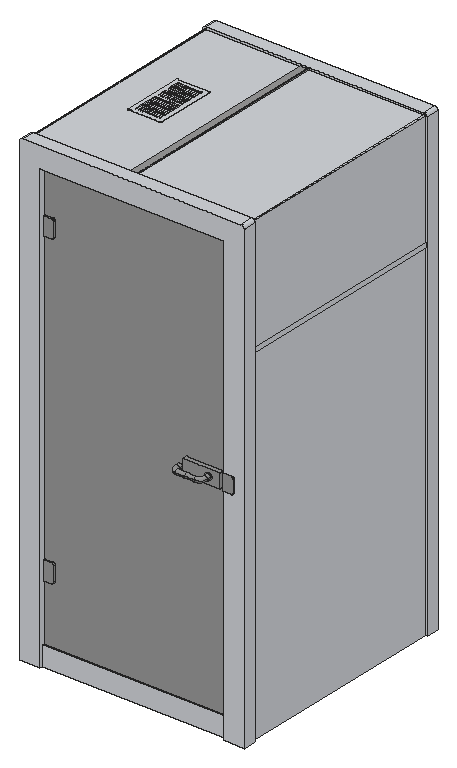
Revit family "Retreat 1.0", category Generic Models, host Floor, Revit 2020
Family settings
  Host = Floor
  Can host rebar = No
  Round Connector Dimension = Use Diameter
  Part Type = Normal
  Always vertical = Yes
  Cut with Voids When Loaded = No
  Shared = No
  Room Calculation Point = No
Parameters
  Default Elevation = 0 mm
Reference planes
  plane 1 "Center (Front/Back)": y = 0
  plane 2: z = 0
  plane 3 "Center (Left/Right)": x = 0
Forms (mm)
  Extrusion 1, solid
    sketch origin (0, 0, 0) x (1, 0, 0) y (0, 0, 1)
      loop
        line (-522.5, 2163) -> (-522.5, 0) -> (-427.5, 0) -> (-427.5, 2083) -> (427.5, 2083) -> (427.5, 0) -> (522.5, 0) -> (522.5, 2163)
        arc (522.5, 2163) -> (518.107, 2173.607) -> (507.5, 2178) r 15
        line (507.5, 2178) -> (-507.5, 2178)
        arc (-507.5, 2178) -> (-518.107, 2173.607) -> (-522.5, 2163) r 15
    from 502 to 562
  Extrusion 2, solid
    sketch origin (0, 0, 0) x (1, 0, 0) y (0, 0, 1)
      loop
        line (-522.5, 2163) -> (-522.5, 0) -> (522.5, 0) -> (522.5, 2163)
        arc (522.5, 2163) -> (518.107, 2173.607) -> (507.5, 2178) r 15
        line (507.5, 2178) -> (-507.5, 2178)
        arc (-507.5, 2178) -> (-518.107, 2173.607) -> (-522.5, 2163) r 15
      loop
        arc (-427.5, 98) -> (-426.621, 95.879) -> (-424.5, 95) r 3
        line (-424.5, 95) -> (424.5, 95)
        arc (424.5, 95) -> (426.621, 95.879) -> (427.5, 98) r 3
        line (427.5, 98) -> (427.5, 2080)
        arc (427.5, 2080) -> (426.621, 2082.121) -> (424.5, 2083) r 3
        line (424.5, 2083) -> (-424.5, 2083)
        arc (-424.5, 2083) -> (-426.621, 2082.121) -> (-427.5, 2080) r 3
        line (-427.5, 2080) -> (-427.5, 98)
    from -562 to -502
  Extrusion 3, solid
    sketch origin (0, 0, 0) x (1, 0, 0) y (0, 0, 1)
      loop
        line (-512.5, 2163) -> (-512.5, 0) -> (-510.5, 0) -> (-510.5, 2163)
        arc (-510.5, 2163) -> (-509.621, 2165.121) -> (-507.5, 2166) r 3
        line (-507.5, 2166) -> (507.5, 2166)
        arc (507.5, 2166) -> (509.621, 2165.121) -> (510.5, 2163) r 3
        line (510.5, 2163) -> (510.5, 0) -> (512.5, 0) -> (512.5, 2163)
        arc (512.5, 2163) -> (511.036, 2166.536) -> (507.5, 2168) r 5
        line (507.5, 2168) -> (-507.5, 2168)
        arc (-507.5, 2168) -> (-511.036, 2166.536) -> (-512.5, 2163) r 5
    from -502 to 502
  Extrusion 4, solid
    sketch origin (0, 0, 0) x (1, 0, 0) y (0, 0, 1)
      loop
        line (-510.5, 0) -> (-452.5, 0) -> (-452.5, 2108) -> (452.5, 2108) -> (452.5, 0) -> (510.5, 0) -> (510.5, 2163)
        arc (510.5, 2163) -> (509.621, 2165.121) -> (507.5, 2166) r 3
        line (507.5, 2166) -> (-507.5, 2166)
        arc (-507.5, 2166) -> (-509.621, 2165.121) -> (-510.5, 2163) r 3
        line (-510.5, 2163) -> (-510.5, 0)
    from -502 to 502
  Extrusion 5, solid
    sketch origin (0, 0, 0) x (1, 0, 0) y (0, 0, 1)
      loop
        line (-440.5, 2096) -> (440.5, 2096) -> (440.5, 0) -> (452.5, 0) -> (452.5, 2108) -> (-452.5, 2108) -> (-452.5, 0) -> (-440.5, 0) -> (-440.5, 2096)
    from -502 to 502
  Extrusion 6, solid
    sketch origin (0, 0, 0) x (1, 0, 0) y (0, 0, 1)
      loop
        line (-427.5, 2083) -> (-427.5, 0) -> (-405.5, 0) -> (-405.5, 2061) -> (405.5, 2061) -> (405.5, 0) -> (427.5, 0) -> (427.5, 2083) -> (-427.5, 2083)
    from 502 to 526.5
  Extrusion 7, solid, material "Glass, Clear Glazing"
    sketch origin (0, 0, 0) x (1, 0, 0) y (0, 0, 1)
      loop
        line (-422.5, 5) -> (422.5, 5) -> (422.5, 2078) -> (-422.5, 2078) -> (-422.5, 5)
    from 535 to 543
  Extrusion 8, solid, material "Glass, Clear Glazing"
    sketch origin (0, 0, 0) x (1, 0, 0) y (0, 0, 1)
      loop
        arc (424.5, 95) -> (426.621, 95.879) -> (427.5, 98) r 3
        line (427.5, 98) -> (427.5, 2080)
        arc (427.5, 2080) -> (426.621, 2082.121) -> (424.5, 2083) r 3
        line (424.5, 2083) -> (-424.5, 2083)
        arc (-424.5, 2083) -> (-426.621, 2082.121) -> (-427.5, 2080) r 3
        line (-427.5, 2080) -> (-427.5, 98)
        arc (-427.5, 98) -> (-426.621, 95.879) -> (-424.5, 95) r 3
        line (-424.5, 95) -> (424.5, 95)
    from -542 to -534
  Extrusion 9, solid, material "Steel, Paint Finish, Dark Gray"
    sketch origin (-154.057, -562.5, 13.614) x (1, 0, 0) y (0, 0, 1)
      loop
        line (124.057, 2156.886) -> (87.057, 2156.886) -> (87.057, 2154.386) -> (93.057, 2154.386) -> (93.057, 2082.386) -> (87.057, 2082.386) -> (87.057, 2079.886) -> (100.557, 2079.886) -> (100.557, 2078.886) -> (110.557, 2078.886) -> (110.557, 2079.886) -> (124.057, 2079.886) -> (124.057, 2082.386) -> (118.057, 2082.386) -> (118.057, 2154.386) -> (124.057, 2154.386) -> (124.057, 2156.886)
    from -1062.5 to -62.5
  Extrusion 10, solid
    sketch origin (0, 0, 0) x (1, 0, 0) y (0, 0, 1)
      loop
        line (-514.5, 1635) -> (-514.5, 1614) -> (-512.5, 1614) -> (-512.5, 1623.5) -> (-440.5, 1623.5) -> (-440.5, 1614) -> (-438.5, 1614) -> (-438.5, 1635) -> (-440.5, 1635) -> (-440.5, 1625.5) -> (-512.5, 1625.5) -> (-512.5, 1635) -> (-514.5, 1635)
      loop
        line (514.5, 1635) -> (512.5, 1635) -> (512.5, 1625.5) -> (440.5, 1625.5) -> (440.5, 1635) -> (438.5, 1635) -> (438.5, 1614) -> (440.5, 1614) -> (440.5, 1623.5) -> (512.5, 1623.5) -> (512.5, 1614) -> (514.5, 1614) -> (514.5, 1635)
    from -502 to 502
  Extrusion 11, solid
    sketch origin (0, 0, 0) x (1, 0, 0) y (0, 0, 1)
      loop
        line (422.5, 5) -> (422.5, 95) -> (-422.5, 95) -> (-422.5, 5) -> (422.5, 5)
    from 543 to 552
  Extrusion 12, solid
    sketch origin (0, 0, 0) x (1, 0, 0) y (0, 0, 1)
      loop
        line (-401.5, 5) -> (401.5, 5) -> (401.5, 95) -> (-401.5, 95) -> (-401.5, 5)
    from 503 to 535
  Extrusion 13, solid
    sketch origin (-141, 3, 0.09) x (1, 0, 0) y (0, 1, 0)
      loop
        line (-66.5, 143) -> (-212.5, 143)
        arc (-212.5, 143) -> (-216.036, 141.536) -> (-217.5, 138) r 5
        line (-217.5, 138) -> (-217.5, -138)
        arc (-217.5, -138) -> (-216.036, -141.536) -> (-212.5, -143) r 5
        line (-212.5, -143) -> (-66.5, -143)
        arc (-66.5, -143) -> (-62.964, -141.536) -> (-61.5, -138) r 5
        line (-61.5, -138) -> (-61.5, 138)
        arc (-61.5, 138) -> (-62.964, 141.536) -> (-66.5, 143) r 5
      loop
        line (-196.5, -90) -> (-196.5, -120)
        arc (-196.5, -120) -> (-195.914, -121.414) -> (-194.5, -122) r 2
        arc (-194.5, -122) -> (-193.086, -121.414) -> (-192.5, -120) r 2
        line (-192.5, -120) -> (-192.5, -90)
        arc (-192.5, -90) -> (-194.5, -88) -> (-196.5, -90) r 2
      loop
        line (-185.5, -90) -> (-185.5, -120)
        arc (-185.5, -120) -> (-184.914, -121.414) -> (-183.5, -122) r 2
        arc (-183.5, -122) -> (-182.086, -121.414) -> (-181.5, -120) r 2
        line (-181.5, -120) -> (-181.5, -90)
        arc (-181.5, -90) -> (-183.5, -88) -> (-185.5, -90) r 2
      loop
        line (-174.5, -90) -> (-174.5, -120)
        arc (-174.5, -120) -> (-173.914, -121.414) -> (-172.5, -122) r 2
        arc (-172.5, -122) -> (-171.086, -121.414) -> (-170.5, -120) r 2
        line (-170.5, -120) -> (-170.5, -90)
        arc (-170.5, -90) -> (-172.5, -88) -> (-174.5, -90) r 2
      loop
        line (-163.5, -90) -> (-163.5, -120)
        arc (-163.5, -120) -> (-162.914, -121.414) -> (-161.5, -122) r 2
        arc (-161.5, -122) -> (-160.086, -121.414) -> (-159.5, -120) r 2
        line (-159.5, -120) -> (-159.5, -90)
        arc (-159.5, -90) -> (-161.5, -88) -> (-163.5, -90) r 2
      loop
        line (-152.5, -90) -> (-152.5, -120)
        arc (-152.5, -120) -> (-151.914, -121.414) -> (-150.5, -122) r 2
        arc (-150.5, -122) -> (-149.086, -121.414) -> (-148.5, -120) r 2
        line (-148.5, -120) -> (-148.5, -90)
        arc (-148.5, -90) -> (-150.5, -88) -> (-152.5, -90) r 2
      loop
        line (-141.5, -90) -> (-141.5, -120)
        arc (-141.5, -120) -> (-140.914, -121.414) -> (-139.5, -122) r 2
        arc (-139.5, -122) -> (-138.086, -121.414) -> (-137.5, -120) r 2
        line (-137.5, -120) -> (-137.5, -90)
        arc (-137.5, -90) -> (-139.5, -88) -> (-141.5, -90) r 2
      loop
        line (-130.5, -90) -> (-130.5, -120)
        arc (-130.5, -120) -> (-129.914, -121.414) -> (-128.5, -122) r 2
        arc (-128.5, -122) -> (-127.086, -121.414) -> (-126.5, -120) r 2
        line (-126.5, -120) -> (-126.5, -90)
        arc (-126.5, -90) -> (-128.5, -88) -> (-130.5, -90) r 2
      loop
        line (-119.5, -90) -> (-119.5, -120)
        arc (-119.5, -120) -> (-118.914, -121.414) -> (-117.5, -122) r 2
        arc (-117.5, -122) -> (-116.086, -121.414) -> (-115.5, -120) r 2
        line (-115.5, -120) -> (-115.5, -90)
        arc (-115.5, -90) -> (-117.5, -88) -> (-119.5, -90) r 2
      loop
        line (-108.5, -90) -> (-108.5, -120)
        arc (-108.5, -120) -> (-107.914, -121.414) -> (-106.5, -122) r 2
        arc (-106.5, -122) -> (-105.086, -121.414) -> (-104.5, -120) r 2
        line (-104.5, -120) -> (-104.5, -90)
        arc (-104.5, -90) -> (-106.5, -88) -> (-108.5, -90) r 2
      loop
        line (-97.5, -90) -> (-97.5, -120)
        arc (-97.5, -120) -> (-96.914, -121.414) -> (-95.5, -122) r 2
        arc (-95.5, -122) -> (-94.086, -121.414) -> (-93.5, -120) r 2
        line (-93.5, -120) -> (-93.5, -90)
        arc (-93.5, -90) -> (-95.5, -88) -> (-97.5, -90) r 2
      loop
        line (-86.5, -90) -> (-86.5, -120)
        arc (-86.5, -120) -> (-85.914, -121.414) -> (-84.5, -122) r 2
        arc (-84.5, -122) -> (-83.086, -121.414) -> (-82.5, -120) r 2
        line (-82.5, -120) -> (-82.5, -90)
        arc (-82.5, -90) -> (-84.5, -88) -> (-86.5, -90) r 2
      loop
        line (-82.5, -80) -> (-82.5, -50)
        arc (-82.5, -50) -> (-84.5, -48) -> (-86.5, -50) r 2
        line (-86.5, -50) -> (-86.5, -80)
        arc (-86.5, -80) -> (-85.914, -81.414) -> (-84.5, -82) r 2
        arc (-84.5, -82) -> (-83.086, -81.414) -> (-82.5, -80) r 2
      loop
        line (-93.5, -80) -> (-93.5, -50)
        arc (-93.5, -50) -> (-95.5, -48) -> (-97.5, -50) r 2
        line (-97.5, -50) -> (-97.5, -80)
        arc (-97.5, -80) -> (-96.914, -81.414) -> (-95.5, -82) r 2
        arc (-95.5, -82) -> (-94.086, -81.414) -> (-93.5, -80) r 2
      loop
        line (-104.5, -80) -> (-104.5, -50)
        arc (-104.5, -50) -> (-106.5, -48) -> (-108.5, -50) r 2
        line (-108.5, -50) -> (-108.5, -80)
        arc (-108.5, -80) -> (-107.914, -81.414) -> (-106.5, -82) r 2
        arc (-106.5, -82) -> (-105.086, -81.414) -> (-104.5, -80) r 2
      loop
        line (-115.5, -80) -> (-115.5, -50)
        arc (-115.5, -50) -> (-117.5, -48) -> (-119.5, -50) r 2
        line (-119.5, -50) -> (-119.5, -80)
        arc (-119.5, -80) -> (-118.914, -81.414) -> (-117.5, -82) r 2
        arc (-117.5, -82) -> (-116.086, -81.414) -> (-115.5, -80) r 2
      loop
        line (-126.5, -80) -> (-126.5, -50)
        arc (-126.5, -50) -> (-128.5, -48) -> (-130.5, -50) r 2
        line (-130.5, -50) -> (-130.5, -80)
        arc (-130.5, -80) -> (-129.914, -81.414) -> (-128.5, -82) r 2
        arc (-128.5, -82) -> (-127.086, -81.414) -> (-126.5, -80) r 2
      loop
        line (-137.5, -80) -> (-137.5, -50)
        arc (-137.5, -50) -> (-139.5, -48) -> (-141.5, -50) r 2
        line (-141.5, -50) -> (-141.5, -80)
        arc (-141.5, -80) -> (-140.914, -81.414) -> (-139.5, -82) r 2
        arc (-139.5, -82) -> (-138.086, -81.414) -> (-137.5, -80) r 2
      loop
        line (-148.5, -80) -> (-148.5, -50)
        arc (-148.5, -50) -> (-150.5, -48) -> (-152.5, -50) r 2
        line (-152.5, -50) -> (-152.5, -80)
        arc (-152.5, -80) -> (-151.914, -81.414) -> (-150.5, -82) r 2
        arc (-150.5, -82) -> (-149.086, -81.414) -> (-148.5, -80) r 2
      loop
        line (-159.5, -80) -> (-159.5, -50)
        arc (-159.5, -50) -> (-161.5, -48) -> (-163.5, -50) r 2
        line (-163.5, -50) -> (-163.5, -80)
        arc (-163.5, -80) -> (-162.914, -81.414) -> (-161.5, -82) r 2
        arc (-161.5, -82) -> (-160.086, -81.414) -> (-159.5, -80) r 2
      loop
        line (-170.5, -80) -> (-170.5, -50)
        arc (-170.5, -50) -> (-172.5, -48) -> (-174.5, -50) r 2
        line (-174.5, -50) -> (-174.5, -80)
        arc (-174.5, -80) -> (-173.914, -81.414) -> (-172.5, -82) r 2
        arc (-172.5, -82) -> (-171.086, -81.414) -> (-170.5, -80) r 2
      loop
        line (-181.5, -80) -> (-181.5, -50)
        arc (-181.5, -50) -> (-183.5, -48) -> (-185.5, -50) r 2
        line (-185.5, -50) -> (-185.5, -80)
        arc (-185.5, -80) -> (-184.914, -81.414) -> (-183.5, -82) r 2
        arc (-183.5, -82) -> (-182.086, -81.414) -> (-181.5, -80) r 2
      loop
        line (-192.5, -80) -> (-192.5, -50)
        arc (-192.5, -50) -> (-194.5, -48) -> (-196.5, -50) r 2
        line (-196.5, -50) -> (-196.5, -80)
        arc (-196.5, -80) -> (-195.914, -81.414) -> (-194.5, -82) r 2
        arc (-194.5, -82) -> (-193.086, -81.414) -> (-192.5, -80) r 2
      loop
        line (-196.5, -10) -> (-196.5, -40)
        arc (-196.5, -40) -> (-195.914, -41.414) -> (-194.5, -42) r 2
        arc (-194.5, -42) -> (-193.086, -41.414) -> (-192.5, -40) r 2
        line (-192.5, -40) -> (-192.5, -10)
        arc (-192.5, -10) -> (-194.5, -8) -> (-196.5, -10) r 2
      loop
        line (-185.5, -10) -> (-185.5, -40)
        arc (-185.5, -40) -> (-184.914, -41.414) -> (-183.5, -42) r 2
        arc (-183.5, -42) -> (-182.086, -41.414) -> (-181.5, -40) r 2
        line (-181.5, -40) -> (-181.5, -10)
        arc (-181.5, -10) -> (-183.5, -8) -> (-185.5, -10) r 2
      loop
        line (-174.5, -10) -> (-174.5, -40)
        arc (-174.5, -40) -> (-172.5, -42) -> (-170.5, -40) r 2
        line (-170.5, -40) -> (-170.5, -10)
        arc (-170.5, -10) -> (-172.5, -8) -> (-174.5, -10) r 2
      loop
        line (-163.5, -10) -> (-163.5, -40)
        arc (-163.5, -40) -> (-162.914, -41.414) -> (-161.5, -42) r 2
        arc (-161.5, -42) -> (-160.086, -41.414) -> (-159.5, -40) r 2
        line (-159.5, -40) -> (-159.5, -10)
        arc (-159.5, -10) -> (-161.5, -8) -> (-163.5, -10) r 2
      loop
        line (-152.5, -10) -> (-152.5, -40)
        arc (-152.5, -40) -> (-151.914, -41.414) -> (-150.5, -42) r 2
        arc (-150.5, -42) -> (-149.086, -41.414) -> (-148.5, -40) r 2
        line (-148.5, -40) -> (-148.5, -10)
        arc (-148.5, -10) -> (-150.5, -8) -> (-152.5, -10) r 2
      loop
        line (-141.5, -10) -> (-141.5, -40)
        arc (-141.5, -40) -> (-140.914, -41.414) -> (-139.5, -42) r 2
        arc (-139.5, -42) -> (-138.086, -41.414) -> (-137.5, -40) r 2
        line (-137.5, -40) -> (-137.5, -10)
        arc (-137.5, -10) -> (-139.5, -8) -> (-141.5, -10) r 2
      loop
        line (-130.5, -10) -> (-130.5, -40)
        arc (-130.5, -40) -> (-129.914, -41.414) -> (-128.5, -42) r 2
        arc (-128.5, -42) -> (-127.086, -41.414) -> (-126.5, -40) r 2
        line (-126.5, -40) -> (-126.5, -10)
        arc (-126.5, -10) -> (-128.5, -8) -> (-130.5, -10) r 2
      loop
        line (-119.5, -10) -> (-119.5, -40)
        arc (-119.5, -40) -> (-118.914, -41.414) -> (-117.5, -42) r 2
        arc (-117.5, -42) -> (-116.086, -41.414) -> (-115.5, -40) r 2
        line (-115.5, -40) -> (-115.5, -10)
        arc (-115.5, -10) -> (-117.5, -8) -> (-119.5, -10) r 2
      loop
        line (-108.5, -10) -> (-108.5, -40)
        arc (-108.5, -40) -> (-107.914, -41.414) -> (-106.5, -42) r 2
        arc (-106.5, -42) -> (-105.086, -41.414) -> (-104.5, -40) r 2
        line (-104.5, -40) -> (-104.5, -10)
        arc (-104.5, -10) -> (-106.5, -8) -> (-108.5, -10) r 2
      loop
        line (-97.5, -10) -> (-97.5, -40)
        arc (-97.5, -40) -> (-96.914, -41.414) -> (-95.5, -42) r 2
        arc (-95.5, -42) -> (-94.086, -41.414) -> (-93.5, -40) r 2
        line (-93.5, -40) -> (-93.5, -10)
        arc (-93.5, -10) -> (-95.5, -8) -> (-97.5, -10) r 2
      loop
        line (-86.5, -10) -> (-86.5, -40)
        arc (-86.5, -40) -> (-85.914, -41.414) -> (-84.5, -42) r 2
        arc (-84.5, -42) -> (-83.086, -41.414) -> (-82.5, -40) r 2
        line (-82.5, -40) -> (-82.5, -10)
        arc (-82.5, -10) -> (-84.5, -8) -> (-86.5, -10) r 2
      loop
        line (-82.5, 10) -> (-82.5, 40)
        arc (-82.5, 40) -> (-84.5, 42) -> (-86.5, 40) r 2
        line (-86.5, 40) -> (-86.5, 10)
        arc (-86.5, 10) -> (-85.914, 8.586) -> (-84.5, 8) r 2
        arc (-84.5, 8) -> (-83.086, 8.586) -> (-82.5, 10) r 2
      loop
        line (-93.5, 10) -> (-93.5, 40)
        arc (-93.5, 40) -> (-95.5, 42) -> (-97.5, 40) r 2
        line (-97.5, 40) -> (-97.5, 10)
        arc (-97.5, 10) -> (-96.914, 8.586) -> (-95.5, 8) r 2
        arc (-95.5, 8) -> (-94.086, 8.586) -> (-93.5, 10) r 2
      loop
        line (-104.5, 10) -> (-104.5, 40)
        arc (-104.5, 40) -> (-106.5, 42) -> (-108.5, 40) r 2
        line (-108.5, 40) -> (-108.5, 10)
        arc (-108.5, 10) -> (-107.914, 8.586) -> (-106.5, 8) r 2
        arc (-106.5, 8) -> (-105.086, 8.586) -> (-104.5, 10) r 2
      loop
        line (-115.5, 10) -> (-115.5, 40)
        arc (-115.5, 40) -> (-117.5, 42) -> (-119.5, 40) r 2
        line (-119.5, 40) -> (-119.5, 10)
        arc (-119.5, 10) -> (-118.914, 8.586) -> (-117.5, 8) r 2
        arc (-117.5, 8) -> (-116.086, 8.586) -> (-115.5, 10) r 2
      loop
        line (-130.5, 40) -> (-130.5, 10)
        arc (-130.5, 10) -> (-129.914, 8.586) -> (-128.5, 8) r 2
        arc (-128.5, 8) -> (-127.086, 8.586) -> (-126.5, 10) r 2
        line (-126.5, 10) -> (-126.5, 40)
        arc (-126.5, 40) -> (-128.5, 42) -> (-130.5, 40) r 2
      loop
        line (-137.5, 10) -> (-137.5, 40)
        arc (-137.5, 40) -> (-139.5, 42) -> (-141.5, 40) r 2
        line (-141.5, 40) -> (-141.5, 10)
        arc (-141.5, 10) -> (-140.914, 8.586) -> (-139.5, 8) r 2
        arc (-139.5, 8) -> (-138.086, 8.586) -> (-137.5, 10) r 2
      loop
        line (-148.5, 10) -> (-148.5, 40)
        arc (-148.5, 40) -> (-150.5, 42) -> (-152.5, 40) r 2
        line (-152.5, 40) -> (-152.5, 10)
        arc (-152.5, 10) -> (-151.914, 8.586) -> (-150.5, 8) r 2
        arc (-150.5, 8) -> (-149.086, 8.586) -> (-148.5, 10) r 2
      loop
        line (-159.5, 10) -> (-159.5, 40)
        arc (-159.5, 40) -> (-161.5, 42) -> (-163.5, 40) r 2
        line (-163.5, 40) -> (-163.5, 10)
        arc (-163.5, 10) -> (-162.914, 8.586) -> (-161.5, 8) r 2
        arc (-161.5, 8) -> (-160.086, 8.586) -> (-159.5, 10) r 2
      loop
        line (-170.5, 10) -> (-170.5, 40)
        arc (-170.5, 40) -> (-172.5, 42) -> (-174.5, 40) r 2
        line (-174.5, 40) -> (-174.5, 10)
        arc (-174.5, 10) -> (-173.914, 8.586) -> (-172.5, 8) r 2
        arc (-172.5, 8) -> (-171.086, 8.586) -> (-170.5, 10) r 2
      loop
        line (-181.5, 10) -> (-181.5, 40)
        arc (-181.5, 40) -> (-183.5, 42) -> (-185.5, 40) r 2
        line (-185.5, 40) -> (-185.5, 10)
        arc (-185.5, 10) -> (-184.914, 8.586) -> (-183.5, 8) r 2
        arc (-183.5, 8) -> (-182.086, 8.586) -> (-181.5, 10) r 2
      loop
        line (-192.5, 10) -> (-192.5, 40)
        arc (-192.5, 40) -> (-194.5, 42) -> (-196.5, 40) r 2
        line (-196.5, 40) -> (-196.5, 10)
        arc (-196.5, 10) -> (-195.914, 8.586) -> (-194.5, 8) r 2
        arc (-194.5, 8) -> (-193.086, 8.586) -> (-192.5, 10) r 2
      loop
        line (-196.5, 80) -> (-196.5, 50)
        arc (-196.5, 50) -> (-195.914, 48.586) -> (-194.5, 48) r 2
        arc (-194.5, 48) -> (-193.086, 48.586) -> (-192.5, 50) r 2
        line (-192.5, 50) -> (-192.5, 80)
        arc (-192.5, 80) -> (-194.5, 82) -> (-196.5, 80) r 2
      loop
        line (-185.5, 80) -> (-185.5, 50)
        arc (-185.5, 50) -> (-184.914, 48.586) -> (-183.5, 48) r 2
        arc (-183.5, 48) -> (-182.086, 48.586) -> (-181.5, 50) r 2
        line (-181.5, 50) -> (-181.5, 80)
        arc (-181.5, 80) -> (-183.5, 82) -> (-185.5, 80) r 2
      loop
        line (-174.5, 80) -> (-174.5, 50)
        arc (-174.5, 50) -> (-173.914, 48.586) -> (-172.5, 48) r 2
        arc (-172.5, 48) -> (-171.086, 48.586) -> (-170.5, 50) r 2
        line (-170.5, 50) -> (-170.5, 80)
        arc (-170.5, 80) -> (-172.5, 82) -> (-174.5, 80) r 2
      loop
        line (-163.5, 80) -> (-163.5, 50)
        arc (-163.5, 50) -> (-162.914, 48.586) -> (-161.5, 48) r 2
        arc (-161.5, 48) -> (-160.086, 48.586) -> (-159.5, 50) r 2
        line (-159.5, 50) -> (-159.5, 80)
        arc (-159.5, 80) -> (-161.5, 82) -> (-163.5, 80) r 2
      loop
        line (-152.5, 80) -> (-152.5, 50)
        arc (-152.5, 50) -> (-151.914, 48.586) -> (-150.5, 48) r 2
        arc (-150.5, 48) -> (-149.086, 48.586) -> (-148.5, 50) r 2
        line (-148.5, 50) -> (-148.5, 80)
        arc (-148.5, 80) -> (-150.5, 82) -> (-152.5, 80) r 2
      loop
        line (-141.5, 80) -> (-141.5, 50)
        arc (-141.5, 50) -> (-140.914, 48.586) -> (-139.5, 48) r 2
        arc (-139.5, 48) -> (-138.086, 48.586) -> (-137.5, 50) r 2
        line (-137.5, 50) -> (-137.5, 80)
        arc (-137.5, 80) -> (-139.5, 82) -> (-141.5, 80) r 2
      loop
        line (-130.5, 80) -> (-130.5, 50)
        arc (-130.5, 50) -> (-129.914, 48.586) -> (-128.5, 48) r 2
        arc (-128.5, 48) -> (-127.086, 48.586) -> (-126.5, 50) r 2
        line (-126.5, 50) -> (-126.5, 80)
        arc (-126.5, 80) -> (-128.5, 82) -> (-130.5, 80) r 2
      loop
        line (-119.5, 80) -> (-119.5, 50)
        arc (-119.5, 50) -> (-118.914, 48.586) -> (-117.5, 48) r 2
        arc (-117.5, 48) -> (-116.086, 48.586) -> (-115.5, 50) r 2
        line (-115.5, 50) -> (-115.5, 80)
        arc (-115.5, 80) -> (-117.5, 82) -> (-119.5, 80) r 2
      loop
        line (-108.5, 80) -> (-108.5, 50)
        arc (-108.5, 50) -> (-107.914, 48.586) -> (-106.5, 48) r 2
        arc (-106.5, 48) -> (-105.086, 48.586) -> (-104.5, 50) r 2
        line (-104.5, 50) -> (-104.5, 80)
        arc (-104.5, 80) -> (-106.5, 82) -> (-108.5, 80) r 2
      loop
        line (-97.5, 80) -> (-97.5, 50)
        arc (-97.5, 50) -> (-96.914, 48.586) -> (-95.5, 48) r 2
        arc (-95.5, 48) -> (-94.086, 48.586) -> (-93.5, 50) r 2
        line (-93.5, 50) -> (-93.5, 80)
        arc (-93.5, 80) -> (-95.5, 82) -> (-97.5, 80) r 2
      loop
        line (-86.5, 80) -> (-86.5, 50)
        arc (-86.5, 50) -> (-85.914, 48.586) -> (-84.5, 48) r 2
        arc (-84.5, 48) -> (-83.086, 48.586) -> (-82.5, 50) r 2
        line (-82.5, 50) -> (-82.5, 80)
        arc (-82.5, 80) -> (-84.5, 82) -> (-86.5, 80) r 2
      loop
        line (-82.5, 90) -> (-82.5, 120)
        arc (-82.5, 120) -> (-84.5, 122) -> (-86.5, 120) r 2
        line (-86.5, 120) -> (-86.5, 90)
        arc (-86.5, 90) -> (-85.914, 88.586) -> (-84.5, 88) r 2
        arc (-84.5, 88) -> (-83.086, 88.586) -> (-82.5, 90) r 2
      loop
        line (-93.5, 90) -> (-93.5, 120)
        arc (-93.5, 120) -> (-95.5, 122) -> (-97.5, 120) r 2
        line (-97.5, 120) -> (-97.5, 90)
        arc (-97.5, 90) -> (-96.914, 88.586) -> (-95.5, 88) r 2
        arc (-95.5, 88) -> (-94.086, 88.586) -> (-93.5, 90) r 2
      loop
        line (-104.5, 90) -> (-104.5, 120)
        arc (-104.5, 120) -> (-106.5, 122) -> (-108.5, 120) r 2
        line (-108.5, 120) -> (-108.5, 90)
        arc (-108.5, 90) -> (-107.914, 88.586) -> (-106.5, 88) r 2
        arc (-106.5, 88) -> (-105.086, 88.586) -> (-104.5, 90) r 2
      loop
        line (-115.5, 90) -> (-115.5, 120)
        arc (-115.5, 120) -> (-117.5, 122) -> (-119.5, 120) r 2
        line (-119.5, 120) -> (-119.5, 90)
        arc (-119.5, 90) -> (-118.914, 88.586) -> (-117.5, 88) r 2
        arc (-117.5, 88) -> (-116.086, 88.586) -> (-115.5, 90) r 2
      loop
        line (-126.5, 90) -> (-126.5, 120)
        arc (-126.5, 120) -> (-128.5, 122) -> (-130.5, 120) r 2
        line (-130.5, 120) -> (-130.5, 90)
        arc (-130.5, 90) -> (-129.914, 88.586) -> (-128.5, 88) r 2
        arc (-128.5, 88) -> (-127.086, 88.586) -> (-126.5, 90) r 2
      loop
        line (-137.5, 90) -> (-137.5, 120)
        arc (-137.5, 120) -> (-139.5, 122) -> (-141.5, 120) r 2
        line (-141.5, 120) -> (-141.5, 90)
        arc (-141.5, 90) -> (-140.914, 88.586) -> (-139.5, 88) r 2
        arc (-139.5, 88) -> (-138.086, 88.586) -> (-137.5, 90) r 2
      loop
        line (-148.5, 90) -> (-148.5, 120)
        arc (-148.5, 120) -> (-150.5, 122) -> (-152.5, 120) r 2
        line (-152.5, 120) -> (-152.5, 90)
        arc (-152.5, 90) -> (-151.914, 88.586) -> (-150.5, 88) r 2
        arc (-150.5, 88) -> (-149.086, 88.586) -> (-148.5, 90) r 2
      loop
        line (-159.5, 90) -> (-159.5, 120)
        arc (-159.5, 120) -> (-161.5, 122) -> (-163.5, 120) r 2
        line (-163.5, 120) -> (-163.5, 90)
        arc (-163.5, 90) -> (-162.914, 88.586) -> (-161.5, 88) r 2
        arc (-161.5, 88) -> (-160.086, 88.586) -> (-159.5, 90) r 2
      loop
        line (-170.5, 90) -> (-170.5, 120)
        arc (-170.5, 120) -> (-172.5, 122) -> (-174.5, 120) r 2
        line (-174.5, 120) -> (-174.5, 90)
        arc (-174.5, 90) -> (-173.914, 88.586) -> (-172.5, 88) r 2
        arc (-172.5, 88) -> (-171.086, 88.586) -> (-170.5, 90) r 2
      loop
        line (-181.5, 90) -> (-181.5, 120)
        arc (-181.5, 120) -> (-183.5, 122) -> (-185.5, 120) r 2
        line (-185.5, 120) -> (-185.5, 90)
        arc (-185.5, 90) -> (-184.914, 88.586) -> (-183.5, 88) r 2
        arc (-183.5, 88) -> (-182.086, 88.586) -> (-181.5, 90) r 2
      loop
        line (-192.5, 90) -> (-192.5, 120)
        arc (-192.5, 120) -> (-194.5, 122) -> (-196.5, 120) r 2
        line (-196.5, 120) -> (-196.5, 90)
        arc (-196.5, 90) -> (-195.914, 88.586) -> (-194.5, 88) r 2
        arc (-194.5, 88) -> (-193.086, 88.586) -> (-192.5, 90) r 2
    from 2167.91 to 2169.51
  Extrusion 14, solid
    sketch origin (-2682.01, -2, 107.5) x (0, 0, -1) y (0, 1, 0)
      loop
        line (-66.5, 143) -> (-212.5, 143)
        arc (-212.5, 143) -> (-216.036, 141.536) -> (-217.5, 138) r 5
        line (-217.5, 138) -> (-217.5, -138)
        arc (-217.5, -138) -> (-216.036, -141.536) -> (-212.5, -143) r 5
        line (-212.5, -143) -> (-66.5, -143)
        arc (-66.5, -143) -> (-62.964, -141.536) -> (-61.5, -138) r 5
        line (-61.5, -138) -> (-61.5, 138)
        arc (-61.5, 138) -> (-62.964, 141.536) -> (-66.5, 143) r 5
      loop
        line (-196.5, -90) -> (-196.5, -120)
        arc (-196.5, -120) -> (-195.914, -121.414) -> (-194.5, -122) r 2
        arc (-194.5, -122) -> (-193.086, -121.414) -> (-192.5, -120) r 2
        line (-192.5, -120) -> (-192.5, -90)
        arc (-192.5, -90) -> (-194.5, -88) -> (-196.5, -90) r 2
      loop
        line (-185.5, -90) -> (-185.5, -120)
        arc (-185.5, -120) -> (-184.914, -121.414) -> (-183.5, -122) r 2
        arc (-183.5, -122) -> (-182.086, -121.414) -> (-181.5, -120) r 2
        line (-181.5, -120) -> (-181.5, -90)
        arc (-181.5, -90) -> (-183.5, -88) -> (-185.5, -90) r 2
      loop
        line (-174.5, -90) -> (-174.5, -120)
        arc (-174.5, -120) -> (-173.914, -121.414) -> (-172.5, -122) r 2
        arc (-172.5, -122) -> (-171.086, -121.414) -> (-170.5, -120) r 2
        line (-170.5, -120) -> (-170.5, -90)
        arc (-170.5, -90) -> (-172.5, -88) -> (-174.5, -90) r 2
      loop
        line (-163.5, -90) -> (-163.5, -120)
        arc (-163.5, -120) -> (-162.914, -121.414) -> (-161.5, -122) r 2
        arc (-161.5, -122) -> (-160.086, -121.414) -> (-159.5, -120) r 2
        line (-159.5, -120) -> (-159.5, -90)
        arc (-159.5, -90) -> (-161.5, -88) -> (-163.5, -90) r 2
      loop
        line (-152.5, -90) -> (-152.5, -120)
        arc (-152.5, -120) -> (-151.914, -121.414) -> (-150.5, -122) r 2
        arc (-150.5, -122) -> (-149.086, -121.414) -> (-148.5, -120) r 2
        line (-148.5, -120) -> (-148.5, -90)
        arc (-148.5, -90) -> (-150.5, -88) -> (-152.5, -90) r 2
      loop
        line (-141.5, -90) -> (-141.5, -120)
        arc (-141.5, -120) -> (-140.914, -121.414) -> (-139.5, -122) r 2
        arc (-139.5, -122) -> (-138.086, -121.414) -> (-137.5, -120) r 2
        line (-137.5, -120) -> (-137.5, -90)
        arc (-137.5, -90) -> (-139.5, -88) -> (-141.5, -90) r 2
      loop
        line (-130.5, -90) -> (-130.5, -120)
        arc (-130.5, -120) -> (-129.914, -121.414) -> (-128.5, -122) r 2
        arc (-128.5, -122) -> (-127.086, -121.414) -> (-126.5, -120) r 2
        line (-126.5, -120) -> (-126.5, -90)
        arc (-126.5, -90) -> (-128.5, -88) -> (-130.5, -90) r 2
      loop
        line (-119.5, -90) -> (-119.5, -120)
        arc (-119.5, -120) -> (-118.914, -121.414) -> (-117.5, -122) r 2
        arc (-117.5, -122) -> (-116.086, -121.414) -> (-115.5, -120) r 2
        line (-115.5, -120) -> (-115.5, -90)
        arc (-115.5, -90) -> (-117.5, -88) -> (-119.5, -90) r 2
      loop
        line (-108.5, -90) -> (-108.5, -120)
        arc (-108.5, -120) -> (-107.914, -121.414) -> (-106.5, -122) r 2
        arc (-106.5, -122) -> (-105.086, -121.414) -> (-104.5, -120) r 2
        line (-104.5, -120) -> (-104.5, -90)
        arc (-104.5, -90) -> (-106.5, -88) -> (-108.5, -90) r 2
      loop
        line (-97.5, -90) -> (-97.5, -120)
        arc (-97.5, -120) -> (-96.914, -121.414) -> (-95.5, -122) r 2
        arc (-95.5, -122) -> (-94.086, -121.414) -> (-93.5, -120) r 2
        line (-93.5, -120) -> (-93.5, -90)
        arc (-93.5, -90) -> (-95.5, -88) -> (-97.5, -90) r 2
      loop
        line (-86.5, -90) -> (-86.5, -120)
        arc (-86.5, -120) -> (-85.914, -121.414) -> (-84.5, -122) r 2
        arc (-84.5, -122) -> (-83.086, -121.414) -> (-82.5, -120) r 2
        line (-82.5, -120) -> (-82.5, -90)
        arc (-82.5, -90) -> (-84.5, -88) -> (-86.5, -90) r 2
      loop
        line (-82.5, -80) -> (-82.5, -50)
        arc (-82.5, -50) -> (-84.5, -48) -> (-86.5, -50) r 2
        line (-86.5, -50) -> (-86.5, -80)
        arc (-86.5, -80) -> (-85.914, -81.414) -> (-84.5, -82) r 2
        arc (-84.5, -82) -> (-83.086, -81.414) -> (-82.5, -80) r 2
      loop
        line (-93.5, -80) -> (-93.5, -50)
        arc (-93.5, -50) -> (-95.5, -48) -> (-97.5, -50) r 2
        line (-97.5, -50) -> (-97.5, -80)
        arc (-97.5, -80) -> (-96.914, -81.414) -> (-95.5, -82) r 2
        arc (-95.5, -82) -> (-94.086, -81.414) -> (-93.5, -80) r 2
      loop
        line (-104.5, -80) -> (-104.5, -50)
        arc (-104.5, -50) -> (-106.5, -48) -> (-108.5, -50) r 2
        line (-108.5, -50) -> (-108.5, -80)
        arc (-108.5, -80) -> (-107.914, -81.414) -> (-106.5, -82) r 2
        arc (-106.5, -82) -> (-105.086, -81.414) -> (-104.5, -80) r 2
      loop
        line (-115.5, -80) -> (-115.5, -50)
        arc (-115.5, -50) -> (-117.5, -48) -> (-119.5, -50) r 2
        line (-119.5, -50) -> (-119.5, -80)
        arc (-119.5, -80) -> (-118.914, -81.414) -> (-117.5, -82) r 2
        arc (-117.5, -82) -> (-116.086, -81.414) -> (-115.5, -80) r 2
      loop
        line (-126.5, -80) -> (-126.5, -50)
        arc (-126.5, -50) -> (-128.5, -48) -> (-130.5, -50) r 2
        line (-130.5, -50) -> (-130.5, -80)
        arc (-130.5, -80) -> (-129.914, -81.414) -> (-128.5, -82) r 2
        arc (-128.5, -82) -> (-127.086, -81.414) -> (-126.5, -80) r 2
      loop
        line (-137.5, -80) -> (-137.5, -50)
        arc (-137.5, -50) -> (-139.5, -48) -> (-141.5, -50) r 2
        line (-141.5, -50) -> (-141.5, -80)
        arc (-141.5, -80) -> (-140.914, -81.414) -> (-139.5, -82) r 2
        arc (-139.5, -82) -> (-138.086, -81.414) -> (-137.5, -80) r 2
      loop
        line (-148.5, -80) -> (-148.5, -50)
        arc (-148.5, -50) -> (-150.5, -48) -> (-152.5, -50) r 2
        line (-152.5, -50) -> (-152.5, -80)
        arc (-152.5, -80) -> (-151.914, -81.414) -> (-150.5, -82) r 2
        arc (-150.5, -82) -> (-149.086, -81.414) -> (-148.5, -80) r 2
      loop
        line (-159.5, -80) -> (-159.5, -50)
        arc (-159.5, -50) -> (-161.5, -48) -> (-163.5, -50) r 2
        line (-163.5, -50) -> (-163.5, -80)
        arc (-163.5, -80) -> (-162.914, -81.414) -> (-161.5, -82) r 2
        arc (-161.5, -82) -> (-160.086, -81.414) -> (-159.5, -80) r 2
      loop
        line (-170.5, -80) -> (-170.5, -50)
        arc (-170.5, -50) -> (-172.5, -48) -> (-174.5, -50) r 2
        line (-174.5, -50) -> (-174.5, -80)
        arc (-174.5, -80) -> (-173.914, -81.414) -> (-172.5, -82) r 2
        arc (-172.5, -82) -> (-171.086, -81.414) -> (-170.5, -80) r 2
      loop
        line (-181.5, -80) -> (-181.5, -50)
        arc (-181.5, -50) -> (-183.5, -48) -> (-185.5, -50) r 2
        line (-185.5, -50) -> (-185.5, -80)
        arc (-185.5, -80) -> (-184.914, -81.414) -> (-183.5, -82) r 2
        arc (-183.5, -82) -> (-182.086, -81.414) -> (-181.5, -80) r 2
      loop
        line (-192.5, -80) -> (-192.5, -50)
        arc (-192.5, -50) -> (-194.5, -48) -> (-196.5, -50) r 2
        line (-196.5, -50) -> (-196.5, -80)
        arc (-196.5, -80) -> (-195.914, -81.414) -> (-194.5, -82) r 2
        arc (-194.5, -82) -> (-193.086, -81.414) -> (-192.5, -80) r 2
      loop
        line (-196.5, -10) -> (-196.5, -40)
        arc (-196.5, -40) -> (-195.914, -41.414) -> (-194.5, -42) r 2
        arc (-194.5, -42) -> (-193.086, -41.414) -> (-192.5, -40) r 2
        line (-192.5, -40) -> (-192.5, -10)
        arc (-192.5, -10) -> (-194.5, -8) -> (-196.5, -10) r 2
      loop
        line (-185.5, -10) -> (-185.5, -40)
        arc (-185.5, -40) -> (-184.914, -41.414) -> (-183.5, -42) r 2
        arc (-183.5, -42) -> (-182.086, -41.414) -> (-181.5, -40) r 2
        line (-181.5, -40) -> (-181.5, -10)
        arc (-181.5, -10) -> (-183.5, -8) -> (-185.5, -10) r 2
      loop
        line (-174.5, -10) -> (-174.5, -40)
        arc (-174.5, -40) -> (-172.5, -42) -> (-170.5, -40) r 2
        line (-170.5, -40) -> (-170.5, -10)
        arc (-170.5, -10) -> (-172.5, -8) -> (-174.5, -10) r 2
      loop
        line (-163.5, -10) -> (-163.5, -40)
        arc (-163.5, -40) -> (-162.914, -41.414) -> (-161.5, -42) r 2
        arc (-161.5, -42) -> (-160.086, -41.414) -> (-159.5, -40) r 2
        line (-159.5, -40) -> (-159.5, -10)
        arc (-159.5, -10) -> (-161.5, -8) -> (-163.5, -10) r 2
      loop
        line (-152.5, -10) -> (-152.5, -40)
        arc (-152.5, -40) -> (-151.914, -41.414) -> (-150.5, -42) r 2
        arc (-150.5, -42) -> (-149.086, -41.414) -> (-148.5, -40) r 2
        line (-148.5, -40) -> (-148.5, -10)
        arc (-148.5, -10) -> (-150.5, -8) -> (-152.5, -10) r 2
      loop
        line (-141.5, -10) -> (-141.5, -40)
        arc (-141.5, -40) -> (-140.914, -41.414) -> (-139.5, -42) r 2
        arc (-139.5, -42) -> (-138.086, -41.414) -> (-137.5, -40) r 2
        line (-137.5, -40) -> (-137.5, -10)
        arc (-137.5, -10) -> (-139.5, -8) -> (-141.5, -10) r 2
      loop
        line (-130.5, -10) -> (-130.5, -40)
        arc (-130.5, -40) -> (-129.914, -41.414) -> (-128.5, -42) r 2
        arc (-128.5, -42) -> (-127.086, -41.414) -> (-126.5, -40) r 2
        line (-126.5, -40) -> (-126.5, -10)
        arc (-126.5, -10) -> (-128.5, -8) -> (-130.5, -10) r 2
      loop
        line (-119.5, -10) -> (-119.5, -40)
        arc (-119.5, -40) -> (-118.914, -41.414) -> (-117.5, -42) r 2
        arc (-117.5, -42) -> (-116.086, -41.414) -> (-115.5, -40) r 2
        line (-115.5, -40) -> (-115.5, -10)
        arc (-115.5, -10) -> (-117.5, -8) -> (-119.5, -10) r 2
      loop
        line (-108.5, -10) -> (-108.5, -40)
        arc (-108.5, -40) -> (-107.914, -41.414) -> (-106.5, -42) r 2
        arc (-106.5, -42) -> (-105.086, -41.414) -> (-104.5, -40) r 2
        line (-104.5, -40) -> (-104.5, -10)
        arc (-104.5, -10) -> (-106.5, -8) -> (-108.5, -10) r 2
      loop
        line (-97.5, -10) -> (-97.5, -40)
        arc (-97.5, -40) -> (-96.914, -41.414) -> (-95.5, -42) r 2
        arc (-95.5, -42) -> (-94.086, -41.414) -> (-93.5, -40) r 2
        line (-93.5, -40) -> (-93.5, -10)
        arc (-93.5, -10) -> (-95.5, -8) -> (-97.5, -10) r 2
      loop
        line (-86.5, -10) -> (-86.5, -40)
        arc (-86.5, -40) -> (-85.914, -41.414) -> (-84.5, -42) r 2
        arc (-84.5, -42) -> (-83.086, -41.414) -> (-82.5, -40) r 2
        line (-82.5, -40) -> (-82.5, -10)
        arc (-82.5, -10) -> (-84.5, -8) -> (-86.5, -10) r 2
      loop
        line (-82.5, 10) -> (-82.5, 40)
        arc (-82.5, 40) -> (-84.5, 42) -> (-86.5, 40) r 2
        line (-86.5, 40) -> (-86.5, 10)
        arc (-86.5, 10) -> (-85.914, 8.586) -> (-84.5, 8) r 2
        arc (-84.5, 8) -> (-83.086, 8.586) -> (-82.5, 10) r 2
      loop
        line (-93.5, 10) -> (-93.5, 40)
        arc (-93.5, 40) -> (-95.5, 42) -> (-97.5, 40) r 2
        line (-97.5, 40) -> (-97.5, 10)
        arc (-97.5, 10) -> (-96.914, 8.586) -> (-95.5, 8) r 2
        arc (-95.5, 8) -> (-94.086, 8.586) -> (-93.5, 10) r 2
      loop
        line (-104.5, 10) -> (-104.5, 40)
        arc (-104.5, 40) -> (-106.5, 42) -> (-108.5, 40) r 2
        line (-108.5, 40) -> (-108.5, 10)
        arc (-108.5, 10) -> (-107.914, 8.586) -> (-106.5, 8) r 2
        arc (-106.5, 8) -> (-105.086, 8.586) -> (-104.5, 10) r 2
      loop
        line (-115.5, 10) -> (-115.5, 40)
        arc (-115.5, 40) -> (-117.5, 42) -> (-119.5, 40) r 2
        line (-119.5, 40) -> (-119.5, 10)
        arc (-119.5, 10) -> (-118.914, 8.586) -> (-117.5, 8) r 2
        arc (-117.5, 8) -> (-116.086, 8.586) -> (-115.5, 10) r 2
      loop
        line (-130.5, 40) -> (-130.5, 10)
        arc (-130.5, 10) -> (-129.914, 8.586) -> (-128.5, 8) r 2
        arc (-128.5, 8) -> (-127.086, 8.586) -> (-126.5, 10) r 2
        line (-126.5, 10) -> (-126.5, 40)
        arc (-126.5, 40) -> (-128.5, 42) -> (-130.5, 40) r 2
      loop
        line (-137.5, 10) -> (-137.5, 40)
        arc (-137.5, 40) -> (-139.5, 42) -> (-141.5, 40) r 2
        line (-141.5, 40) -> (-141.5, 10)
        arc (-141.5, 10) -> (-140.914, 8.586) -> (-139.5, 8) r 2
        arc (-139.5, 8) -> (-138.086, 8.586) -> (-137.5, 10) r 2
      loop
        line (-148.5, 10) -> (-148.5, 40)
        arc (-148.5, 40) -> (-150.5, 42) -> (-152.5, 40) r 2
        line (-152.5, 40) -> (-152.5, 10)
        arc (-152.5, 10) -> (-151.914, 8.586) -> (-150.5, 8) r 2
        arc (-150.5, 8) -> (-149.086, 8.586) -> (-148.5, 10) r 2
      loop
        line (-159.5, 10) -> (-159.5, 40)
        arc (-159.5, 40) -> (-161.5, 42) -> (-163.5, 40) r 2
        line (-163.5, 40) -> (-163.5, 10)
        arc (-163.5, 10) -> (-162.914, 8.586) -> (-161.5, 8) r 2
        arc (-161.5, 8) -> (-160.086, 8.586) -> (-159.5, 10) r 2
      loop
        line (-170.5, 10) -> (-170.5, 40)
        arc (-170.5, 40) -> (-172.5, 42) -> (-174.5, 40) r 2
        line (-174.5, 40) -> (-174.5, 10)
        arc (-174.5, 10) -> (-173.914, 8.586) -> (-172.5, 8) r 2
        arc (-172.5, 8) -> (-171.086, 8.586) -> (-170.5, 10) r 2
      loop
        line (-181.5, 10) -> (-181.5, 40)
        arc (-181.5, 40) -> (-183.5, 42) -> (-185.5, 40) r 2
        line (-185.5, 40) -> (-185.5, 10)
        arc (-185.5, 10) -> (-184.914, 8.586) -> (-183.5, 8) r 2
        arc (-183.5, 8) -> (-182.086, 8.586) -> (-181.5, 10) r 2
      loop
        line (-192.5, 10) -> (-192.5, 40)
        arc (-192.5, 40) -> (-194.5, 42) -> (-196.5, 40) r 2
        line (-196.5, 40) -> (-196.5, 10)
        arc (-196.5, 10) -> (-195.914, 8.586) -> (-194.5, 8) r 2
        arc (-194.5, 8) -> (-193.086, 8.586) -> (-192.5, 10) r 2
      loop
        line (-196.5, 80) -> (-196.5, 50)
        arc (-196.5, 50) -> (-195.914, 48.586) -> (-194.5, 48) r 2
        arc (-194.5, 48) -> (-193.086, 48.586) -> (-192.5, 50) r 2
        line (-192.5, 50) -> (-192.5, 80)
        arc (-192.5, 80) -> (-194.5, 82) -> (-196.5, 80) r 2
      loop
        line (-185.5, 80) -> (-185.5, 50)
        arc (-185.5, 50) -> (-184.914, 48.586) -> (-183.5, 48) r 2
        arc (-183.5, 48) -> (-182.086, 48.586) -> (-181.5, 50) r 2
        line (-181.5, 50) -> (-181.5, 80)
        arc (-181.5, 80) -> (-183.5, 82) -> (-185.5, 80) r 2
      loop
        line (-174.5, 80) -> (-174.5, 50)
        arc (-174.5, 50) -> (-173.914, 48.586) -> (-172.5, 48) r 2
        arc (-172.5, 48) -> (-171.086, 48.586) -> (-170.5, 50) r 2
        line (-170.5, 50) -> (-170.5, 80)
        arc (-170.5, 80) -> (-172.5, 82) -> (-174.5, 80) r 2
      loop
        line (-163.5, 80) -> (-163.5, 50)
        arc (-163.5, 50) -> (-162.914, 48.586) -> (-161.5, 48) r 2
        arc (-161.5, 48) -> (-160.086, 48.586) -> (-159.5, 50) r 2
        line (-159.5, 50) -> (-159.5, 80)
        arc (-159.5, 80) -> (-161.5, 82) -> (-163.5, 80) r 2
      loop
        line (-152.5, 80) -> (-152.5, 50)
        arc (-152.5, 50) -> (-151.914, 48.586) -> (-150.5, 48) r 2
        arc (-150.5, 48) -> (-149.086, 48.586) -> (-148.5, 50) r 2
        line (-148.5, 50) -> (-148.5, 80)
        arc (-148.5, 80) -> (-150.5, 82) -> (-152.5, 80) r 2
      loop
        line (-141.5, 80) -> (-141.5, 50)
        arc (-141.5, 50) -> (-140.914, 48.586) -> (-139.5, 48) r 2
        arc (-139.5, 48) -> (-138.086, 48.586) -> (-137.5, 50) r 2
        line (-137.5, 50) -> (-137.5, 80)
        arc (-137.5, 80) -> (-139.5, 82) -> (-141.5, 80) r 2
      loop
        line (-130.5, 80) -> (-130.5, 50)
        arc (-130.5, 50) -> (-129.914, 48.586) -> (-128.5, 48) r 2
        arc (-128.5, 48) -> (-127.086, 48.586) -> (-126.5, 50) r 2
        line (-126.5, 50) -> (-126.5, 80)
        arc (-126.5, 80) -> (-128.5, 82) -> (-130.5, 80) r 2
      loop
        line (-119.5, 80) -> (-119.5, 50)
        arc (-119.5, 50) -> (-118.914, 48.586) -> (-117.5, 48) r 2
        arc (-117.5, 48) -> (-116.086, 48.586) -> (-115.5, 50) r 2
        line (-115.5, 50) -> (-115.5, 80)
        arc (-115.5, 80) -> (-117.5, 82) -> (-119.5, 80) r 2
      loop
        line (-108.5, 80) -> (-108.5, 50)
        arc (-108.5, 50) -> (-107.914, 48.586) -> (-106.5, 48) r 2
        arc (-106.5, 48) -> (-105.086, 48.586) -> (-104.5, 50) r 2
        line (-104.5, 50) -> (-104.5, 80)
        arc (-104.5, 80) -> (-106.5, 82) -> (-108.5, 80) r 2
      loop
        line (-97.5, 80) -> (-97.5, 50)
        arc (-97.5, 50) -> (-96.914, 48.586) -> (-95.5, 48) r 2
        arc (-95.5, 48) -> (-94.086, 48.586) -> (-93.5, 50) r 2
        line (-93.5, 50) -> (-93.5, 80)
        arc (-93.5, 80) -> (-95.5, 82) -> (-97.5, 80) r 2
      loop
        line (-86.5, 80) -> (-86.5, 50)
        arc (-86.5, 50) -> (-85.914, 48.586) -> (-84.5, 48) r 2
        arc (-84.5, 48) -> (-83.086, 48.586) -> (-82.5, 50) r 2
        line (-82.5, 50) -> (-82.5, 80)
        arc (-82.5, 80) -> (-84.5, 82) -> (-86.5, 80) r 2
      loop
        line (-82.5, 90) -> (-82.5, 120)
        arc (-82.5, 120) -> (-84.5, 122) -> (-86.5, 120) r 2
        line (-86.5, 120) -> (-86.5, 90)
        arc (-86.5, 90) -> (-85.914, 88.586) -> (-84.5, 88) r 2
        arc (-84.5, 88) -> (-83.086, 88.586) -> (-82.5, 90) r 2
      loop
        line (-93.5, 90) -> (-93.5, 120)
        arc (-93.5, 120) -> (-95.5, 122) -> (-97.5, 120) r 2
        line (-97.5, 120) -> (-97.5, 90)
        arc (-97.5, 90) -> (-96.914, 88.586) -> (-95.5, 88) r 2
        arc (-95.5, 88) -> (-94.086, 88.586) -> (-93.5, 90) r 2
      loop
        line (-104.5, 90) -> (-104.5, 120)
        arc (-104.5, 120) -> (-106.5, 122) -> (-108.5, 120) r 2
        line (-108.5, 120) -> (-108.5, 90)
        arc (-108.5, 90) -> (-107.914, 88.586) -> (-106.5, 88) r 2
        arc (-106.5, 88) -> (-105.086, 88.586) -> (-104.5, 90) r 2
      loop
        line (-115.5, 90) -> (-115.5, 120)
        arc (-115.5, 120) -> (-117.5, 122) -> (-119.5, 120) r 2
        line (-119.5, 120) -> (-119.5, 90)
        arc (-119.5, 90) -> (-118.914, 88.586) -> (-117.5, 88) r 2
        arc (-117.5, 88) -> (-116.086, 88.586) -> (-115.5, 90) r 2
      loop
        line (-126.5, 90) -> (-126.5, 120)
        arc (-126.5, 120) -> (-128.5, 122) -> (-130.5, 120) r 2
        line (-130.5, 120) -> (-130.5, 90)
        arc (-130.5, 90) -> (-129.914, 88.586) -> (-128.5, 88) r 2
        arc (-128.5, 88) -> (-127.086, 88.586) -> (-126.5, 90) r 2
      loop
        line (-137.5, 90) -> (-137.5, 120)
        arc (-137.5, 120) -> (-139.5, 122) -> (-141.5, 120) r 2
        line (-141.5, 120) -> (-141.5, 90)
        arc (-141.5, 90) -> (-140.914, 88.586) -> (-139.5, 88) r 2
        arc (-139.5, 88) -> (-138.086, 88.586) -> (-137.5, 90) r 2
      loop
        line (-148.5, 90) -> (-148.5, 120)
        arc (-148.5, 120) -> (-150.5, 122) -> (-152.5, 120) r 2
        line (-152.5, 120) -> (-152.5, 90)
        arc (-152.5, 90) -> (-151.914, 88.586) -> (-150.5, 88) r 2
        arc (-150.5, 88) -> (-149.086, 88.586) -> (-148.5, 90) r 2
      loop
        line (-159.5, 90) -> (-159.5, 120)
        arc (-159.5, 120) -> (-161.5, 122) -> (-163.5, 120) r 2
        line (-163.5, 120) -> (-163.5, 90)
        arc (-163.5, 90) -> (-162.914, 88.586) -> (-161.5, 88) r 2
        arc (-161.5, 88) -> (-160.086, 88.586) -> (-159.5, 90) r 2
      loop
        line (-170.5, 90) -> (-170.5, 120)
        arc (-170.5, 120) -> (-172.5, 122) -> (-174.5, 120) r 2
        line (-174.5, 120) -> (-174.5, 90)
        arc (-174.5, 90) -> (-173.914, 88.586) -> (-172.5, 88) r 2
        arc (-172.5, 88) -> (-171.086, 88.586) -> (-170.5, 90) r 2
      loop
        line (-181.5, 90) -> (-181.5, 120)
        arc (-181.5, 120) -> (-183.5, 122) -> (-185.5, 120) r 2
        line (-185.5, 120) -> (-185.5, 90)
        arc (-185.5, 90) -> (-184.914, 88.586) -> (-183.5, 88) r 2
        arc (-183.5, 88) -> (-182.086, 88.586) -> (-181.5, 90) r 2
      loop
        line (-192.5, 90) -> (-192.5, 120)
        arc (-192.5, 120) -> (-194.5, 122) -> (-196.5, 120) r 2
        line (-196.5, 120) -> (-196.5, 90)
        arc (-196.5, 90) -> (-195.914, 88.586) -> (-194.5, 88) r 2
        arc (-194.5, 88) -> (-193.086, 88.586) -> (-192.5, 90) r 2
    from 2167.91 to 2169.51
  Extrusion 15, solid, material "Stainless Steel, Brushed"
    sketch origin (-284.633, -564, 14.547) x (1, 0, 0) y (0, 0, 1)
      loop
        line (-98.767, 435.453) -> (-134.017, 435.453)
        arc (-134.017, 435.453) -> (-135.431, 434.867) -> (-136.017, 433.453) r 2
        line (-136.017, 433.453) -> (-136.017, 351.453)
        arc (-136.017, 351.453) -> (-135.431, 350.039) -> (-134.017, 349.453) r 2
        line (-134.017, 349.453) -> (-98.767, 349.453)
        arc (-98.767, 349.453) -> (-91.696, 352.382) -> (-88.767, 359.453) r 10
        line (-88.767, 359.453) -> (-88.767, 425.453)
        arc (-88.767, 425.453) -> (-91.696, 432.524) -> (-98.767, 435.453) r 10
      loop
        line (-98.767, 1870.453) -> (-134.017, 1870.453)
        arc (-134.017, 1870.453) -> (-135.431, 1869.867) -> (-136.017, 1868.453) r 2
        line (-136.017, 1868.453) -> (-136.017, 1786.453)
        arc (-136.017, 1786.453) -> (-135.431, 1785.039) -> (-134.017, 1784.453) r 2
        line (-134.017, 1784.453) -> (-98.767, 1784.453)
        arc (-98.767, 1784.453) -> (-91.696, 1787.382) -> (-88.767, 1794.453) r 10
        line (-88.767, 1794.453) -> (-88.767, 1860.453)
        arc (-88.767, 1860.453) -> (-91.696, 1867.524) -> (-98.767, 1870.453) r 10
    from -21 to -13.486
  Extrusion 16, solid, material "Stainless Steel, Brushed"
    sketch origin (-254.791, -2, 13.059) x (1, 0, 0) y (0, 0, 1)
      loop
        line (493.614, 1094.953) -> (493.614, 1031.953)
        arc (493.614, 1031.953) -> (494.2, 1030.539) -> (495.614, 1029.953) r 2
        line (495.614, 1029.953) -> (663.284, 1029.953)
        arc (663.284, 1029.953) -> (664.698, 1030.539) -> (665.284, 1031.953) r 2
        line (665.284, 1031.953) -> (665.284, 1094.778)
        arc (665.284, 1094.778) -> (664.766, 1096.304) -> (663.291, 1096.953) r 2
        line (663.291, 1096.953) -> (495.614, 1096.953)
        arc (495.614, 1096.953) -> (494.2, 1096.367) -> (493.614, 1094.953) r 2
    from 541.5 to 562.5
  Extrusion 17, solid, material "Stainless Steel, Brushed"
    sketch origin (-253.9, -562.5, 13.059) x (1, 0, 0) y (0, 0, 1)
      loop
        arc (635.614, 1092.453) -> (634.296, 1095.635) -> (631.114, 1096.953) r 4.5
        line (631.114, 1096.953) -> (497.223, 1096.953)
        arc (497.223, 1096.953) -> (494.041, 1095.635) -> (492.723, 1092.453) r 4.5
        line (492.723, 1092.453) -> (492.723, 1034.453)
        arc (492.723, 1034.453) -> (494.041, 1031.271) -> (497.223, 1029.953) r 4.5
        line (497.223, 1029.953) -> (631.114, 1029.953)
        arc (631.114, 1029.953) -> (634.296, 1031.271) -> (635.614, 1034.453) r 4.5
        line (635.614, 1034.453) -> (635.614, 1092.453)
    from -36 to -27
  Extrusion 18, solid, material "Stainless Steel, Brushed"
    sketch origin (-249.829, -564.5, 13.059) x (1, 0, 0) y (0, 0, 1)
      loop
        circle (607.064, 1063.453) r 14.5
    from 0 to 3
  Extrusion 19, solid, material "Stainless Steel, Brushed"
    sketch origin (-249.829, -526.5, 13.059) x (1, 0, 0) y (0, 0, -1)
      loop
        circle (607.064, -1063.453) r 14.5
    from 0 to 3
  Sweep 20, solid, material "Stainless Steel, Brushed"
    path origin (-144.154, -2, -0.464) x (1, 0, 0) y (0, 1, 0)
      loop
        line (381.507, -567.5) -> (381.507, -585.564)
        arc (381.507, -585.564) -> (384.944, -593.861) -> (393.24, -597.297) r 11.733
        line (393.24, -597.297) -> (436.507, -597.297) -> (479.774, -597.297)
        arc (479.774, -597.297) -> (488.071, -593.861) -> (491.507, -585.564) r 11.733
        line (491.507, -585.564) -> (491.507, -565.5)
    profile origin (237.353, -578.532, -0.464) x (1, 0, 0) y (0, 0, 1)
      loop
        circle (-10, 1077.351) r 10
  Sweep 21, solid, material "Stainless Steel, Brushed"
    path origin (-144.154, -1077, -0.464) x (1, 0, 0) y (0, -1, 0)
      loop
        line (381.507, -567.5) -> (381.507, -585.564)
        arc (381.507, -585.564) -> (384.944, -593.861) -> (393.24, -597.297) r 11.733
        line (393.24, -597.297) -> (436.507, -597.297) -> (479.774, -597.297)
        arc (479.774, -597.297) -> (488.071, -593.861) -> (491.507, -585.564) r 11.733
        line (491.507, -585.564) -> (491.507, -565.5)
    profile origin (237.353, -500.468, -0.464) x (-1, 0, 0) y (0, 0, 1)
      loop
        circle (10, 1077.351) r 10
  Extrusion 22, solid, material "Stainless Steel, Brushed"
    sketch origin (-249.711, -564.5, 1090.41) x (1, 0, 0) y (0, 0, 1)
      loop
        circle (607.064, -13.524) r 10
    from -53 to -41
  Extrusion 23, solid, material "Stainless Steel, Brushed"
    sketch origin (-83.793, 528.022, -0.464) x (1, 0, 0) y (0, 0, 1)
      loop
        line (508, 1114.476) -> (508, 1039.476) -> (547, 1039.476)
        arc (547, 1039.476) -> (554.071, 1042.405) -> (557, 1049.476) r 10
        line (557, 1049.476) -> (557, 1104.476)
        arc (557, 1104.476) -> (554.071, 1111.547) -> (547, 1114.476) r 10
        line (547, 1114.476) -> (508, 1114.476)
    from 1066.5 to 1092.5
Cuts and joins
  joined: Extrusion 1, Extrusion 6
Lines and regions (mm)
  model lines
    curve 1: line (427.5, 0, 2083) -> (-427.5, 0, 2083)
    curve 2: line (427.5, 0, 0) -> (427.5, 0, 2083)
    curve 3: line (-358.5, 10, 0) -> (-358.5, 35, 0)
Dimensions and locks
  aligned and locked: level to plane 2
